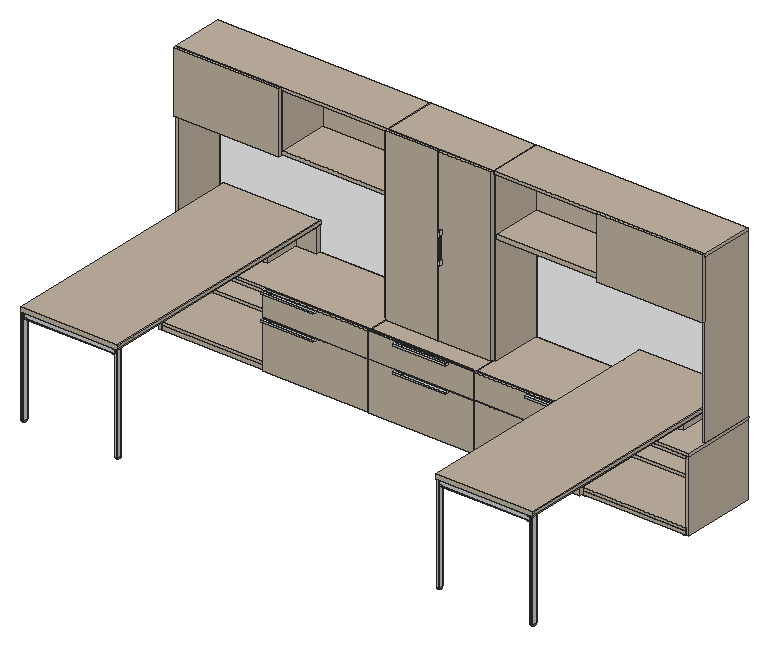
Revit family "FLT020", category Furniture, Revit 2015 (continued)
Definition of nested family "JSI-Flux-Sec_Ht_Strg_OH_Cab_Sldng_Dr"
  Parameters (values of type "Type Catalog - Strg OH Cab Sldng Dr")
    Chassis = none
    Assembly Code = "E2020200"
    Door Adjust = if(Width > 6' 6", 6, if(Width > 4' 6", 4, (if(Width > 3' 0", 3, 2))))  # 6
    # of Doors = 2
  Reference planes (in)
    plane 1: z = 0
    plane 2 "Center (Left/Right)": x = -36.06413
    plane 3 "Center (Front/Back)": y = 10.75
    plane 4: y = 10
    plane 5: x = -35.31413
    plane 6: x = 59.81087
    plane 7: x = 59.06087
    plane 8: x = -4.50163
    plane 9: x = -3.75163
    plane 10: x = 28.24837
    plane 11: x = 27.49837
    plane 12: y = -5.0625
    plane 13: y = -4.3125
    plane 14: y = -4.25
    plane 15: y = -2.0625
    plane 16: y = -5.125
    plane 17: x = 11.87337
    plane 18: z = 29
    plane 19: z = 60
    plane 20: z = 61.1875
    plane 21: z = 59.75
    plane 22: z = 76.25
    plane 23: z = 77
    plane 24: y = 9.9375
    plane 25: y = 10.6875
    plane 26: x = -20.18913
    plane 27: x = -20.06413
    plane 28: z = 59.5
    plane 29: x = -35.31413
    plane 30: x = -4.50163
    plane 31: x = -3.75163
    plane 32: x = 28.24837
    plane 33: x = 27.49837
    plane 34: x = 59.06087
    plane 35: x = -18.06413
    plane 36: x = 41.81087
    plane 37: x = 43.93587
    plane 38: x = 43.81087
  Forms (in)
    Extrusion 1, solid, material <- "Chassis"
      sketch origin (0, 0, 0) x (1, 0, 0) y (0, 1, 0)
        loop
          line (-36.06413, 10.75) -> (-36.06413, -4.25) -> (-35.31413, -4.25) -> (-35.31413, 10.75) -> (-36.06413, 10.75)
      from 29 to 76.25
    Extrusion 2, solid, material <- "Chassis"
      sketch origin (0, 0, 0) x (1, 0, 0) y (0, 1, 0)
        loop
          line (59.06087, 10.75) -> (59.06087, -4.25) -> (59.81087, -4.25) -> (59.81087, 10.75) -> (59.06087, 10.75)
      from 29 to 76.25
    Extrusion 3, solid, material <- "Top"
      sketch origin (0, 0, 0) x (1, 0, 0) y (0, 0, 1)
        loop
          line (-36.06413, 76.25) -> (59.81087, 76.25) -> (59.81087, 77) -> (-36.06413, 77) -> (-36.06413, 76.25)
      from -10.75 to 4.25
    Extrusion 4, solid, material <- "Shelf"
      sketch origin (0, 0, 0) x (1, 0, 0) y (0, 0, 1)
        loop
          line (-35.31413, 61.1875) -> (-35.31413, 60) -> (59.06087, 60) -> (59.06087, 61.1875) -> (-35.31413, 61.1875)
      from -9.9375 to 4.25
    Extrusion 5, solid, material <- "Back Panel"
      sketch origin (0, 0, 0) x (1, 0, 0) y (0, 0, 1)
        loop
          line (-35.31413, 76.25) -> (-35.31413, 29) -> (59.06087, 29) -> (59.06087, 76.25) -> (-35.31413, 76.25)
        loop
          circle (-18.06413, 59.5) r 0.3125
        loop
          circle (41.81087, 59.5) r 0.3125
      from -10.6875 to -9.9375
    Extrusion 6, solid, material <- "Chassis", visible <- "Part-L"
      sketch origin (0, 0, 0) x (1, 0, 0) y (0, 1, 0)
        loop
          line (-4.50163, 9.9375) -> (-4.50163, -4.25) -> (-3.75163, -4.25) -> (-3.75163, 9.9375) -> (-4.50163, 9.9375)
      from 61.1875 to 76.25
    Extrusion 7, solid, material <- "Chassis", visible <- "Part-R"
      sketch origin (0, 0, 0) x (1, 0, 0) y (0, 1, 0)
        loop
          line (27.49837, 9.9375) -> (27.49837, -4.25) -> (28.24837, -4.25) -> (28.24837, 9.9375) -> (27.49837, 9.9375)
      from 61.1875 to 76.25
    Extrusion 8, solid, material <- "Door Front"
      sketch origin (16, 0, 8) x (1, 0, 0) y (0, 0, 1)
        loop
          line (-52.06413, 69) -> (-52.06413, 51.75) -> (-20.18913, 51.75) -> (-20.18913, 69) -> (-52.06413, 69)
      from 4.3125 to 5.125
    Extrusion 9, solid, material <- "Door Front"
      sketch origin (80, 0, 8) x (1, 0, 0) y (0, 0, 1)
        loop
          line (-52.06413, 69) -> (-52.06413, 51.75) -> (-20.18913, 51.75) -> (-20.18913, 69) -> (-52.06413, 69)
      from 4.3125 to 5.125
  Lines and regions (in)
    symbolic lines
      curve 1: line (-36.06413, 10.75, 0) -> (-36.06413, -4.25, 0)
      curve 2: line (59.81087, 10.75, 0) -> (-36.06413, 10.75, 0)
      curve 3: line (59.81087, 10.75, 0) -> (59.81087, -4.25, 0)
      curve 4: line (59.81087, -4.25, 0) -> (-36.06413, -4.25, 0)
    symbolic lines, detail levels medium+fine
      curve 5: line (-36.06413, -4.3125, 0) -> (-36.06413, -5.125, 0)
      curve 6: line (-4.18913, -4.3125, 0) -> (-36.06413, -4.3125, 0)
      curve 7: line (-4.18913, -5.125, 0) -> (-36.06413, -5.125, 0)
      curve 8: line (-4.18913, -5.125, 0) -> (-4.18913, -4.3125, 0)
      curve 9: line (27.93587, -4.3125, 0) -> (27.93587, -5.125, 0)
      curve 10: line (59.81087, -4.3125, 0) -> (27.93587, -4.3125, 0)
      curve 11: line (59.81087, -5.125, 0) -> (27.93587, -5.125, 0)
      curve 12: line (59.81087, -5.125, 0) -> (59.81087, -4.3125, 0)
      curve 13: line (-35.31413, 9.9375, 0) -> (59.06087, 9.9375, 0)
      curve 14: line (59.06087, 9.9375, 0) -> (59.06087, 10.6875, 0)
      curve 15: line (59.06087, 10.6875, 0) -> (-35.31413, 10.6875, 0)
      curve 16: line (-35.31413, 10.6875, 0) -> (-35.31413, 9.9375, 0)
      curve 17: line (59.06087, 10.6875, 0) -> (59.06087, -4.25, 0)
      curve 18: line (-35.31413, -4.25, 0) -> (-35.31413, 10.6875, 0)
    symbolic lines, visible <- "Part-L", detail levels medium+fine
      curve 19: line (-3.75163, -4.25, 0) -> (-3.75163, 9.9375, 0)
      curve 20: line (-3.75163, 9.9375, 0) -> (-4.50163, 9.9375, 0)
      curve 21: line (-4.50163, 9.9375, 0) -> (-4.50163, -4.25, 0)
      curve 22: line (-4.50163, -4.25, 0) -> (-3.75163, -4.25, 0)
    symbolic lines, visible <- "Part-R", detail levels medium+fine
      curve 23: line (28.24837, -4.25, 0) -> (28.24837, 9.9375, 0)
      curve 24: line (28.24837, 9.9375, 0) -> (27.49837, 9.9375, 0)
      curve 25: line (27.49837, 9.9375, 0) -> (27.49837, -4.25, 0)
      curve 26: line (27.49837, -4.25, 0) -> (28.24837, -4.25, 0)
  Dimensions and locks (in)
    "Width": plane 2 "Center (Left/Right)" to plane 6
    "Depth": plane 16 to plane 3 "Center (Front/Back)"
    locked: plane 4 to plane 3 "Center (Front/Back)" at 0.75
    plane 12 to plane 13 to plane 14 to plane 15 = 0' - 0 3/4" locked, 0' - 0 1/16" locked, 0' - 2 3/16" locked
    locked: plane 16 to plane 12 at 0.0625
    locked: plane 2 "Center (Left/Right)" to plane 5 at 0.75
    locked: plane 8 to plane 9 at 0.75
    locked: plane 11 to plane 10 at 0.75
    locked: plane 7 to plane 6 at 0.75
    equal spacing: plane 2 "Center (Left/Right)", plane 17, plane 6
    "Height": plane 23 to plane 18
    "OH Elevation": plane 18 to plane 1
    locked: plane 23 to plane 22 at 0.75
    locked: plane 20 to plane 19 at 1.1875
    "Level of Base Shelve": plane 19 to plane 18
    plane 19 to plane 21 to plane 28 = 0' - 0 1/4" locked, 0' - 0 1/4" locked
    plane 22 to plane 20 = 1' - 3 1/16"
    locked: plane 25 to plane 3 "Center (Front/Back)" at 0.0625
    locked: plane 24 to plane 4 at 0.0625
    "Partition Distance_L": plane 2 "Center (Left/Right)" to plane 8
    "Partition Distance_R": plane 10 to plane 6
    plane 29 to plane 30 = 2' - 6 13/16"
    plane 32 to plane 34 = 2' - 6 13/16"
    plane 31 to plane 33 = 2' - 7 1/4"
    plane 2 "Center (Left/Right)" to plane 29 = 0' - 0 3/4"
    plane 2 "Center (Left/Right)" to plane 31 = 2' - 8 5/16"
    plane 2 "Center (Left/Right)" to plane 32 = 5' - 4 5/16"
    equal spacing: group 1, group 2, group 5, group 6, group 7, group 8  (x3)
    "Wiring Hole Dist": plane 2 "Center (Left/Right)" to plane 35
    "Wiring Hole Dist": plane 36 to plane 6
    "Door Width": Extrusion 8 sketch curve to Extrusion 8 sketch curve
    "Door Width": Extrusion 9 sketch curve to Extrusion 9 sketch curve
    group 3 to group 4 = 5' - 4"
    group 3 to group 4 = 0' - 0"  (x2)
    "Door Array Dist": Extrusion 8 to Extrusion 9
    radius of Extrusion 5 sketch curve = 0' - 0 5/16"  (x2)
    aligned and locked: level to plane 1
    aligned and locked: Extrusion 1 sketch curve to plane 2 "Center (Left/Right)"
    aligned and locked: Extrusion 1 sketch curve to plane 5
    aligned and locked: Extrusion 1 sketch curve to plane 3 "Center (Front/Back)"
    aligned and locked: Extrusion 1 sketch curve to plane 14
    aligned and locked: Extrusion 2 sketch curve to plane 7
    aligned and locked: Extrusion 2 sketch curve to plane 6
    aligned and locked: Extrusion 2 sketch curve to plane 3 "Center (Front/Back)"
    aligned and locked: Extrusion 2 sketch curve to plane 14
    aligned and locked: plane 22 to Extrusion 1
    aligned and locked: plane 22 to Extrusion 2
    aligned and locked: Extrusion 1 to plane 18
    aligned and locked: Extrusion 2 to plane 18
    aligned and locked: Extrusion 3 sketch curve to plane 22
    aligned and locked: Extrusion 3 sketch curve to plane 23
    aligned and locked: Extrusion 3 sketch curve to plane 2 "Center (Left/Right)"
    aligned and locked: Extrusion 3 sketch curve to plane 6
    aligned and locked: Extrusion 4 sketch curve to plane 20
    aligned and locked: Extrusion 4 sketch curve to plane 19
    aligned and locked: Extrusion 4 sketch curve to plane 5
    aligned and locked: Extrusion 4 sketch curve to plane 7
    aligned and locked: Extrusion 3 to plane 3 "Center (Front/Back)"
    aligned and locked: plane 14 to Extrusion 3
    aligned and locked: Extrusion 4 to plane 24
    aligned and locked: plane 14 to Extrusion 4
    aligned and locked: Extrusion 5 sketch curve to plane 22
    aligned and locked: Extrusion 5 sketch curve to plane 5
    aligned and locked: Extrusion 5 sketch curve to plane 7
    aligned and locked: Extrusion 5 sketch curve to plane 18
    aligned and locked: Extrusion 5 to plane 25
    aligned and locked: plane 24 to Extrusion 5
    aligned and locked: Extrusion 6 sketch curve to plane 8
    aligned and locked: Extrusion 6 sketch curve to plane 9
    aligned and locked: Extrusion 6 sketch curve to plane 24
    aligned and locked: Extrusion 6 sketch curve to plane 14
    aligned and locked: Extrusion 7 sketch curve to plane 11
    aligned and locked: Extrusion 7 sketch curve to plane 10
    aligned and locked: Extrusion 7 sketch curve to plane 24
    aligned and locked: Extrusion 7 sketch curve to plane 14
    aligned and locked: plane 22 to Extrusion 6
    aligned and locked: Extrusion 6 to plane 20
    aligned and locked: plane 22 to Extrusion 7
    aligned and locked: Extrusion 7 to plane 20
    aligned and locked: plane 17 to nested 1
    aligned and locked: plane 12 to nested 1
    aligned and locked: curve 1 to plane 2 "Center (Left/Right)"
    aligned and locked: curve 2 to plane 3 "Center (Front/Back)"
    aligned and locked: curve 3 to plane 6
    aligned and locked: curve 4 to plane 14
    aligned and locked: plane 16 to Extrusion 8
    aligned and locked: Extrusion 8 to plane 13
    aligned and locked: Extrusion 8 to plane 2 "Center (Left/Right)"
    aligned and locked: curve 8 to Extrusion 8
    aligned and locked: curve 12 to Extrusion 9
    aligned and locked: curve 5 to Extrusion 8
    aligned and locked: curve 9 to Extrusion 9
    aligned and locked: Extrusion 8 to plane 21
    aligned and locked: Extrusion 9 to plane 21
    aligned and locked: curve 13 to Extrusion 5
    aligned and locked: curve 14 to Extrusion 5
    aligned and locked: curve 15 to Extrusion 5
    aligned and locked: curve 16 to Extrusion 5
    aligned and locked: Extrusion 2 to curve 17
    aligned and locked: curve 18 to Extrusion 1
    aligned and locked: plane 14 to curve 18
    aligned and locked: plane 14 to curve 17
    aligned and locked: curve 19 to Extrusion 6
    aligned and locked: curve 20 to Extrusion 6
    aligned and locked: curve 21 to Extrusion 6
    aligned and locked: curve 22 to Extrusion 6
    aligned and locked: curve 23 to Extrusion 7
    aligned and locked: curve 24 to Extrusion 7
    aligned and locked: curve 25 to Extrusion 7
    aligned and locked: curve 26 to Extrusion 7
  Automatic sketch dimensions
    Extrusion 5 sketch curve to plane 28 = 0' - 0"  (x2)
    Extrusion 5 sketch curve to plane 35 = 0' - 0"
    Extrusion 5 sketch curve to plane 36 = 0' - 0"
    Extrusion 8 sketch curve to Extrusion 8 sketch curve = 1' - 5 1/4"
    Extrusion 9 sketch curve to Extrusion 9 sketch curve = 1' - 5 1/4"
    curve 5 to curve 8 = 2' - 7 7/8"
    curve 8 to curve 8 = 0' - 0 13/16"
    curve 9 to curve 12 = 2' - 7 7/8"
    curve 12 to curve 12 = 0' - 0 13/16"
  Nested families (in)
    nested 1: "Label 1-16 OH" at (11.87337, -5.0625, 0), type "OH DOORS"
  Definition of nested family "Label 1-16 OH"
    Parameters
      Width = 0' - 1"
      Model Name = "6 Doors"
    Reference planes (in)
      plane 1: y = 0
      plane 2: x = 0
    Text (in)
      label "XX" at (0.00051, -0.12324, 0), shows "Model Name"
Definition of nested family "JSI-Flux-Strg_Tower"
  Parameters (values of type "Type Catalog - Strg Tower")
    WB_Shelf_Width = 1' - 0"
    WB_Shelf_Height = Shelf Dist  # 1' - 0 13/16"
    WB_Shelf_Dist = if(Width > 2' 4", (if(L, 0' 9 3/4", (Width - 1' 9 3/4"))), 0' 0 3/4")  # 0' - 9 3/4"
    WB = no
    Top Width = Width  # 2' - 11 7/8"
    Top Dist = 0' - 0"
    Top = none
    Width = 2' - 11 7/8"
    URL = "www.jsifurniture.com"
    Type Comments = ""
    TAG = if(Width > 2' 4", (if(Doors, (if(SL, (if(L, "Open - 1 Doors", "1 Door - 1 Open")), "2 Doors")), "Open")), (if(Doors, "1 Door", "Open")))  # "2 Doors"
    Shelf_H_Dist = if(WB, (if(L, 0' 0 3/4", (Width - 0' 9"))), 0' 0 3/4")  # 0' - 0 3/4"
    Shelf Width = if(WB, 0' 8 1/4", Width - 0' 1 1/2")  # 2' - 10 3/8"
    Shelf Dist = ((Height - (0' 0 3/4" * (# of Shelf + 2))) / (# of Shelf + 1)) + 0' 0 3/4"  # 1' - 0 13/16"
    Shelf Array Dist = ((Height - (0' 0 3/4" * (# of Shelf + 2))) / (# of Shelf + 1)) + 0' 0 3/4"  # 1' - 0 13/16"
    Shelf = none
    Series = "FLUX"  # constant formula
    SL = no
    Right Pull = yes
    Pull Height = if(SL, 1' 0", Height / 2)  # 2' - 2"
    Pull Finish = none
    Pull Distance = if(SL, (if(L, (Width - 0' 0 7/8"), 0' 0 7/8")), (Door Width + 0' 0 43/64"))  # 1' - 6 35/64"
    Part_R_V_Dist = if(WB, (if(L, 0' 0 3/4", 0' 0")), 0' 0")  # 0' - 0"
    Part_R_Dist = if(WB, (if(L, 0' 9", Width - 0' 0 3/4")), Width - 0' 0 3/4")  # 2' - 11 1/8"
    Part_L_V_Dist = if(WB, (if(L, 0' 0", 0' 0 3/4")), 0' 0")  # 0' - 0"
    Part_L_Dist = if(WB, (if(L, 0' 0", Width - 0' 9 3/4")), 0' 0")  # 0' - 0"
    Part Depth_R = if(WB, (if(L, 0' 0 13/16", 0' 0")), 0' 0")  # 0' - 0"
    Part Depth_L = if(WB, (if(L, 0' 0", 0' 0 13/16")), 0' 0")  # 0' - 0"
    OH Elevation = 2' - 5"
    Model = ""
    Manufacturer = "JSI"  # constant formula
    Left Pull = no
    Lable Dist = if(Doors, 0' 0 13/16", 0' 0")  # 0' - 0 13/16"
    L = yes
    Keynote = "12500"
    JSI Enviromental Website = "http://www.jsifurniture.com/jsi_sustainability_intro.php"
    Height = 4' - 4"
    Doors = yes
    Door Width = if(Width > 2' 4", (if(SL, (if(WB, (Width - 0' 9"), ((Width / 2) + 0' 0 1/4"))), ((Width - 0' 0 1/8") / 2))), Width)  # 1' - 5 7/8"
    Door Dist = if(WB, (if(L, 0' 9", 0' 0")), 0' 0")  # 0' - 0"
    Door Array Dist = if(SL, 0' 0", Door Width + 0' 0 1/8")  # 1' - 6"
    Back Width = if(WB, (Width - 0' 0 3/4"), (Width - 0' 1 1/2"))  # 2' - 10 3/8"
    Back Panel = none
    Door Front = none
    Description = ""
    Depth = 1' - 3 13/16"
    Chassis = none
    Back Dist = if(WB, (if(L, 0' 0 3/4", 0' 0")), 0' 0 3/4")  # 0' - 0 3/4"
    Assembly Code = "E2020200"
    # of Shelf = if(Height > 3' 4", (if(WB, 4, 3)), 2)  # 3
    # of Doors = 2
  Reference planes (in)
    plane 1: z = 0
    plane 2 "Center (Left/Right)": x = -36.06413
    plane 3 "Center (Front/Back)": y = 10.75
    plane 4: x = -36.06413
    plane 5: y = 10.6875
    plane 6: y = 9.9375
    plane 7: y = -4.25
    plane 8: y = -4.3125
    plane 9: y = -5.0625
    plane 10: x = -36.06413
    plane 11: x = -35.31413
    plane 12: x = -26.31413
    plane 13: x = -27.06413
    plane 14: x = -36.06413
    plane 15: x = -0.18913
    plane 16: z = 29
    plane 17: z = 81
    plane 18: z = 29.75
    plane 19: z = 80.25
    plane 20: x = -35.31413
    plane 21: x = -0.93913
    plane 22: x = -26.31413
    plane 23: z = 55
    plane 24: z = 55.375
    plane 25: z = 54.625
    plane 26: y = -2.0625
    plane 27: x = -26.31413
    plane 28: x = -14.31413
    plane 29: z = 42.5625
    plane 30: z = 41.8125
    plane 31: x = -35.31413
    plane 32: y = 10.75
    plane 33: x = -18.06413
    plane 34: x = -18.18913
    plane 35: x = -36.06413
    plane 36: x = -1.93913
    plane 37: x = -17.51726
    plane 38: z = 55
    plane 39: x = -36.06413
    plane 40: x = -35.31413
    plane 41: x = -0.93913
    plane 42: x = -0.18913
    plane 43: y = 10.75
    plane 44: z = 29
    plane 45: z = 29
    plane 46: x = -36.06413
    plane 47: x = -0.18913
    plane 48: x = -18.12663
  Forms (in)
    Extrusion 1, solid, material <- "Top"
      sketch origin (0, 0, 0) x (1, 0, 0) y (0, 0, 1)
        loop
          line (-36.06413, 81) -> (-36.06413, 80.25) -> (-0.18913, 80.25) -> (-0.18913, 81) -> (-36.06413, 81)
      from -10.75 to 4.25
    Extrusion 2, solid, material <- "Shelf"
      sketch origin (0, 0, 0) x (1, 0, 0) y (0, 0, 1)
        loop
          line (-35.31413, 29) -> (-0.93913, 29) -> (-0.93913, 29.75) -> (-35.31413, 29.75) -> (-35.31413, 29)
      from -9.9375 to 4.25
    Extrusion 3, solid, material <- "Back Panel"
      sketch origin (0, 0, 0) x (1, 0, 0) y (0, 1, 0)
        loop
          line (-0.93913, 10.6875) -> (-35.31413, 10.6875) -> (-35.31413, 9.9375) -> (-0.93913, 9.9375) -> (-0.93913, 10.6875)
      from 29 to 80.25
    Extrusion 4, solid, material <- "Shelf"
      sketch origin (-10.75, 0, -12.8125) x (1, 0, 0) y (0, 0, 1)
        loop
          line (-24.56413, 55.375) -> (-24.56413, 54.625) -> (9.81087, 54.625) -> (9.81087, 55.375) -> (-24.56413, 55.375)
      from -9.9375 to 2.0625
    Extrusion 5, solid, material <- "Shelf"
      sketch origin (-10.75, 0, 0) x (1, 0, 0) y (0, 0, 1)
        loop
          line (-24.56413, 55.375) -> (-24.56413, 54.625) -> (9.81087, 54.625) -> (9.81087, 55.375) -> (-24.56413, 55.375)
      from -9.9375 to 2.0625
    Extrusion 6, solid, material <- "Shelf", visible <- "WB"
      sketch origin (0, 0, 0) x (1, 0, 0) y (0, 0, 1)
        loop
          line (-26.31413, 42.5625) -> (-26.31413, 41.8125) -> (-14.31413, 41.8125) -> (-14.31413, 42.5625) -> (-26.31413, 42.5625)
      from -9.9375 to 4.25
    Extrusion 7, solid, material <- "Door Front", visible <- "Doors"
      sketch origin (0, 0, 0) x (1, 0, 0) y (0, 1, 0)
        loop
          line (-36.06413, -4.3125) -> (-36.06413, -5.0625) -> (-18.18913, -5.0625) -> (-18.18913, -4.3125) -> (-36.06413, -4.3125)
      from 29 to 81
    Extrusion 8, solid, material <- "Door Front", visible <- "Doors"
      sketch origin (18, 0, 0) x (1, 0, 0) y (0, 1, 0)
        loop
          line (-36.06413, -4.3125) -> (-36.06413, -5.0625) -> (-18.18913, -5.0625) -> (-18.18913, -4.3125) -> (-36.06413, -4.3125)
      from 29 to 81
    Extrusion 9, solid, material <- "Chassis"
      sketch origin (0, 0, 0) x (1, 0, 0) y (0, 1, 0)
        loop
          line (-36.06413, 10.75) -> (-36.06413, -4.25) -> (-35.31413, -4.25) -> (-35.31413, 10.75) -> (-36.06413, 10.75)
      from 29 to 80.25
    Extrusion 10, solid, material <- "Chassis"
      sketch origin (0, 0, 0) x (1, 0, 0) y (0, 1, 0)
        loop
          line (-0.93913, 10.75) -> (-0.93913, -4.25) -> (-0.18913, -4.25) -> (-0.18913, 10.75) -> (-0.93913, 10.75)
      from 29 to 80.25
    Extrusion 11, solid, material <- "Shelf"
      sketch origin (-10.75, 0, 12.8125) x (1, 0, 0) y (0, 0, 1)
        loop
          line (-24.56413, 55.375) -> (-24.56413, 54.625) -> (9.81087, 54.625) -> (9.81087, 55.375) -> (-24.56413, 55.375)
      from -9.9375 to 2.0625
  Lines and regions (in)
    symbolic lines, visible <- "Doors"
      curve 1: line (-36.06413, -4.3125, 0) -> (-18.18913, -4.3125, 0)
      curve 2: line (-36.06413, -5.0625, 0) -> (-36.06413, -4.3125, 0)
      curve 3: line (-18.18913, -5.0625, 0) -> (-36.06413, -5.0625, 0)
      curve 4: line (-18.18913, -4.3125, 0) -> (-18.18913, -5.0625, 0)
      curve 5: line (-18.06413, -4.3125, 0) -> (-0.18913, -4.3125, 0)
      curve 6: line (-18.06413, -5.0625, 0) -> (-18.06413, -4.3125, 0)
      curve 7: line (-0.18913, -5.0625, 0) -> (-18.06413, -5.0625, 0)
      curve 8: line (-0.18913, -4.3125, 0) -> (-0.18913, -5.0625, 0)
    symbolic lines
      curve 9: line (-36.06413, 10.75, 0) -> (-36.06413, -4.25, 0)
      curve 10: line (-0.18913, 10.75, 0) -> (-0.18913, -4.25, 0)
      curve 11: line (-0.18913, 10.75, 0) -> (-36.06413, 10.75, 0)
      curve 12: line (-0.18913, -4.25, 0) -> (-36.06413, -4.25, 0)
    symbolic lines, detail levels medium+fine
      curve 13: line (-35.31413, -4.25, 0) -> (-35.31413, 10.75, 0)
      curve 14: line (-35.31413, 10.75, 0) -> (-36.06413, 10.75, 0)
      curve 15: line (-36.06413, 10.75, 0) -> (-36.06413, -4.25, 0)
      curve 16: line (-36.06413, -4.25, 0) -> (-35.31413, -4.25, 0)
      curve 17: line (-0.18913, -4.25, 0) -> (-0.18913, 10.75, 0)
      curve 18: line (-0.18913, 10.75, 0) -> (-0.93913, 10.75, 0)
      curve 19: line (-0.93913, 10.75, 0) -> (-0.93913, -4.25, 0)
      curve 20: line (-0.93913, -4.25, 0) -> (-0.18913, -4.25, 0)
      curve 21: line (-35.31413, 9.9375, 0) -> (-0.93913, 9.9375, 0)
      curve 22: line (-0.93913, 9.9375, 0) -> (-0.93913, 10.6875, 0)
      curve 23: line (-0.93913, 10.6875, 0) -> (-35.31413, 10.6875, 0)
      curve 24: line (-35.31413, 10.6875, 0) -> (-35.31413, 9.9375, 0)
  Dimensions and locks (in)
    locked: plane 6 to plane 3 "Center (Front/Back)" at 0.8125
    locked: plane 5 to plane 3 "Center (Front/Back)" at 0.0625
    plane 9 to plane 8 to plane 7 = 0' - 0 3/4" locked, 0' - 0 1/16" locked
    "Depth": plane 9 to plane 3 "Center (Front/Back)"
    locked: plane 10 to plane 11 at 0.75
    locked: plane 13 to plane 12 at 0.75
    "Top Width": plane 14 to plane 15
    "Top Dist": plane 4 to plane 14
    "Height": plane 17 to plane 16
    "OH Elevation": plane 16 to plane 1
    locked: plane 17 to plane 19 at 0.75
    locked: plane 18 to plane 16 at 0.75
    equal spacing: plane 17, plane 23, plane 16
    plane 24 to plane 23 to plane 25 = 0' - 0 3/8" locked, 0' - 0 3/8" locked
    "Shelf Width": Extrusion 4 sketch curve to Extrusion 4 sketch curve
    "Shelf Width": Extrusion 5 sketch curve to Extrusion 5 sketch curve
    equal spacing: group 1, group 2, group 5  (x3)
    "Shelf Array Dist": Extrusion 5 to Extrusion 4
    "Shelf Dist": Extrusion 4 to plane 16
    "WB_Shelf_Width": plane 27 to plane 28
    locked: plane 29 to plane 30 at 0.75
    "WB_Shelf_Height": plane 30 to plane 16
    "Shelf_H_Dist": plane 2 "Center (Left/Right)" to plane 31
    "Part Depth_L": plane 32 to plane 3 "Center (Front/Back)"
    "Door Width": Extrusion 7 sketch curve to Extrusion 7 sketch curve
    "Door Width": Extrusion 8 sketch curve to Extrusion 8 sketch curve
    group 3 to group 4 = 1' - 6"
    group 3 to group 4 = 0' - 0"  (x2)
    "Door Array Dist": Extrusion 7 to Extrusion 8
    "Door Dist": plane 2 "Center (Left/Right)" to plane 35
    "Pull Distance": plane 2 "Center (Left/Right)" to plane 37
    "Pull Height": plane 38 to plane 16
    "Lable Dist": nested 2 to plane 7
    "WB_Shelf_Dist": plane 2 "Center (Left/Right)" to plane 27
    locked: plane 39 to plane 40 at 0.75
    locked: plane 41 to plane 42 at 0.75
    "Part_L_Dist": plane 2 "Center (Left/Right)" to plane 39
    "Part_R_Dist": plane 2 "Center (Left/Right)" to plane 41
    "Part Depth_R": plane 43 to plane 3 "Center (Front/Back)"
    "Part_L_V_Dist": plane 44 to plane 16
    plane 45 to plane 16 = 0' - 0"
    "Back Width": plane 20 to plane 21
    "Back Dist": plane 14 to plane 20
    "Width": plane 46 to plane 47
    "Top Dist": plane 2 "Center (Left/Right)" to plane 46
    equal spacing: plane 46, plane 48, plane 47
    "Height": Extrusion 7 to Extrusion 7
    "Height": Extrusion 8 to Extrusion 8
    "Shelf Width": Extrusion 11 sketch curve to Extrusion 11 sketch curve
    aligned and locked: level to plane 1
    aligned and locked: Extrusion 1 sketch curve to plane 17
    aligned and locked: Extrusion 1 sketch curve to plane 19
    aligned and locked: Extrusion 1 sketch curve to plane 14
    aligned and locked: Extrusion 1 sketch curve to plane 15
    aligned and locked: Extrusion 1 to plane 3 "Center (Front/Back)"
    aligned and locked: plane 7 to Extrusion 1
    aligned and locked: Extrusion 2 sketch curve to plane 16
    aligned and locked: Extrusion 2 sketch curve to plane 18
    aligned and locked: Extrusion 2 sketch curve to plane 20
    aligned and locked: Extrusion 2 sketch curve to plane 21
    aligned and locked: Extrusion 2 to plane 6
    aligned and locked: plane 7 to Extrusion 2
    aligned and locked: Extrusion 3 sketch curve to plane 5
    aligned and locked: Extrusion 3 sketch curve to plane 6
    aligned and locked: Extrusion 3 sketch curve to plane 20
    aligned and locked: Extrusion 3 sketch curve to plane 21
    aligned and locked: plane 19 to Extrusion 3
    aligned and locked: Extrusion 3 to plane 16
    aligned and locked: Extrusion 4 to plane 6
    aligned and locked: Extrusion 5 to plane 6
    aligned and locked: Extrusion 6 sketch curve to plane 27
    aligned and locked: Extrusion 6 sketch curve to plane 28
    aligned and locked: Extrusion 6 sketch curve to plane 29
    aligned and locked: Extrusion 6 sketch curve to plane 30
    aligned and locked: Extrusion 6 to plane 6
    aligned and locked: plane 7 to Extrusion 6
    aligned and locked: Extrusion 4 to plane 31
    aligned and locked: Extrusion 5 to plane 31
    aligned and locked: Extrusion 7 sketch curve to plane 9
    aligned and locked: Extrusion 7 to plane 16
    aligned and locked: curve 1 to Extrusion 7
    aligned and locked: curve 2 to Extrusion 7
    aligned and locked: curve 3 to Extrusion 7
    aligned and locked: curve 4 to Extrusion 7
    aligned and locked: curve 5 to Extrusion 8
    aligned and locked: curve 6 to Extrusion 8
    aligned and locked: curve 7 to Extrusion 8
    aligned and locked: curve 8 to Extrusion 8
    aligned and locked: Extrusion 7 to plane 35
    aligned and locked: plane 9 to nested 1
    aligned and locked: plane 37 to nested 1
    aligned and locked: plane 38 to nested 1
    aligned and locked: Extrusion 9 sketch curve to plane 39
    aligned and locked: Extrusion 9 sketch curve to plane 40
    aligned and locked: Extrusion 9 sketch curve to plane 32
    aligned and locked: Extrusion 9 sketch curve to plane 7
    aligned and locked: Extrusion 10 sketch curve to plane 41
    aligned and locked: Extrusion 10 sketch curve to plane 42
    aligned and locked: Extrusion 10 sketch curve to plane 7
    aligned and locked: plane 19 to Extrusion 9
    aligned and locked: plane 19 to Extrusion 10
    aligned and locked: Extrusion 10 sketch curve to plane 43
    aligned and locked: Extrusion 9 to plane 44
    aligned and locked: Extrusion 10 to plane 45
    aligned and locked: curve 9 to plane 46
    aligned and locked: curve 10 to plane 47
    aligned and locked: curve 11 to plane 43
    aligned and locked: curve 12 to plane 7
    aligned and locked: plane 48 to nested 2
    aligned and locked: Extrusion 7 to plane 45
    aligned and locked: Extrusion 8 to plane 45
    aligned and locked: plane 16 to Extrusion 7
    aligned and locked: Extrusion 8 to plane 16
    aligned and locked: curve 13 to Extrusion 9
    aligned and locked: curve 14 to Extrusion 9
    aligned and locked: curve 15 to Extrusion 9
    aligned and locked: curve 16 to Extrusion 9
    aligned and locked: curve 17 to Extrusion 10
    aligned and locked: curve 18 to Extrusion 10
    aligned and locked: curve 19 to Extrusion 10
    aligned and locked: curve 20 to Extrusion 10
    aligned and locked: curve 21 to Extrusion 3
    aligned and locked: curve 22 to Extrusion 3
    aligned and locked: curve 23 to Extrusion 3
    aligned and locked: curve 24 to Extrusion 3
  Automatic sketch dimensions
    Extrusion 4 sketch curve to Extrusion 4 sketch curve = 0' - 0 3/4"
    Extrusion 5 sketch curve to Extrusion 5 sketch curve = 0' - 0 3/4"
    Extrusion 7 sketch curve to Extrusion 7 sketch curve = 0' - 0 3/4"
    Extrusion 8 sketch curve to Extrusion 8 sketch curve = 0' - 0 3/4"
    curve 2 to curve 3 = 1' - 5 7/8"
    curve 2 to curve 2 = 0' - 0 3/4"
    curve 6 to curve 7 = 1' - 5 7/8"
    curve 6 to curve 6 = 0' - 0 3/4"
    Extrusion 11 sketch curve to Extrusion 11 sketch curve = 0' - 0 3/4"
  Nested families (in)
    nested 1: "Bar Pull H" at (-20.75939, -5.0625, 55), Pull Finish <- "Pull Finish", L <- "Left Pull", R <- "Right Pull", type "PL"
      with R yes, Pull Finish none, L no
    nested 2: "Label 1-16 OH" at (-18.12663, -5.0625, 0), type "OH DOORS"
  Definition of nested family "Bar Pull H"
    Parameters
      R [instance] = yes
      Pull Finish [instance] = none
      L [instance] = yes
    Reference planes (in)
      plane 1 "Center Front/Back": y = 0
      plane 2: z = 0
      plane 3 "Center Left/Right": x = 3.24213
    Forms (in)
      Extrusion 1, solid, material <- "Pull Finish", visible <- "L"
        sketch origin (3.24213, 0, 3.24963) x (0, 0, -1) y (0, 1, 0)
          loop
            line (-1.18701, 0) -> (-1.18701, -0.85113)
            arc (-1.18701, -0.85113) -> (-1.15955, -0.91742) -> (-1.09326, -0.94488) r 0.09375
            line (-1.09326, -0.94488) -> (7.59252, -0.94488)
            arc (7.59252, -0.94488) -> (7.6482, -0.92182) -> (7.67126, -0.86614) r 0.07874
            line (7.67126, -0.86614) -> (7.67126, 0) -> (6.37205, 0) -> (6.37205, -0.70177)
            arc (6.37205, -0.70177) -> (6.33544, -0.79016) -> (6.24705, -0.82677) r 0.125
            line (6.24705, -0.82677) -> (0.2372, -0.82677)
            arc (0.2372, -0.82677) -> (0.14882, -0.79016) -> (0.1122, -0.70177) r 0.125
            line (0.1122, -0.70177) -> (0.1122, 0) -> (-1.18701, 0)
        from -0.43307 to -0.11811
      Extrusion 2, solid, material <- "Pull Finish", visible <- "L"
        sketch origin (3.24213, 0, 3.24963) x (0, 0, -1) y (0, 1, 0)
          loop
            line (-1.18701, 0) -> (-1.18701, -0.85113)
            arc (-1.18701, -0.85113) -> (-1.15955, -0.91742) -> (-1.09326, -0.94488) r 0.09375
            line (-1.09326, -0.94488) -> (7.59252, -0.94488)
            arc (7.59252, -0.94488) -> (7.6482, -0.92182) -> (7.67126, -0.86614) r 0.07874
            line (7.67126, -0.86614) -> (7.67126, 0) -> (-1.18701, 0)
        from 0 to -0.11811
      Extrusion 3, solid, material <- "Pull Finish", visible <- "R"
        sketch origin (3.24213, 0, 3.24963) x (0, 0, -1) y (0, -1, 0)
          loop
            line (-1.18701, 0) -> (0.1122, 0) -> (0.1122, 0.70177)
            arc (0.1122, 0.70177) -> (0.14882, 0.79016) -> (0.2372, 0.82677) r 0.125
            line (0.2372, 0.82677) -> (6.24705, 0.82677)
            arc (6.24705, 0.82677) -> (6.33544, 0.79016) -> (6.37205, 0.70177) r 0.125
            line (6.37205, 0.70177) -> (6.37205, 0) -> (7.67126, 0) -> (7.67126, 0.86614)
            arc (7.67126, 0.86614) -> (7.6482, 0.92182) -> (7.59252, 0.94488) r 0.07874
            line (7.59252, 0.94488) -> (-1.09326, 0.94488)
            arc (-1.09326, 0.94488) -> (-1.15955, 0.91742) -> (-1.18701, 0.85113) r 0.09375
            line (-1.18701, 0.85113) -> (-1.18701, 0)
        from -0.43307 to -0.11811
      Extrusion 4, solid, material <- "Pull Finish", visible <- "R"
        sketch origin (3.24213, 0, 3.24963) x (0, 0, -1) y (0, -1, 0)
          loop
            line (-1.18701, 0) -> (7.67126, 0) -> (7.67126, 0.86614)
            arc (7.67126, 0.86614) -> (7.6482, 0.92182) -> (7.59252, 0.94488) r 0.07874
            line (7.59252, 0.94488) -> (-1.09326, 0.94488)
            arc (-1.09326, 0.94488) -> (-1.15955, 0.91742) -> (-1.18701, 0.85113) r 0.09375
            line (-1.18701, 0.85113) -> (-1.18701, 0)
        from 0 to -0.11811
    Cuts and joins
      joined: Extrusion 1, Extrusion 2
      joined: Extrusion 3, Extrusion 4
    Dimensions and locks (in)
      aligned and locked: level to plane 2
      aligned and locked: Extrusion 2 sketch curve to Extrusion 1  (x6)
      aligned and locked: Extrusion 3 to Extrusion 4 sketch curve  (x2)
      aligned and locked: Extrusion 4 sketch curve to Extrusion 3  (x4)
  Definition of nested family "Label 1-16 OH"
    Parameters
      Width = 0' - 1"
      Model Name = "6 Doors"
    Reference planes (in)
      plane 1: y = 0
      plane 2: x = 0
    Text (in)
      label "XX" at (0.00051, -0.12324, 0), shows "Model Name"
Definition of nested family "JSI-Flux-Tckbrd_for_OH_Cab"
  Parameters (values of type "Type Catalog - Tackboard for OH Cab")
    Width = 2' - 4 1/4"
    URL = "www.jsifurniture.com"
    Type Comments = ""
    Series = "FLUX"  # constant formula
    OH Elevation = 2' - 5"
    Model = ""
    Manufacturer = "JSI"  # constant formula
    Keynote = "12500"
    JSI Enviromental Website = "http://www.jsifurniture.com/jsi_sustainability_intro.php"
    Height = 2' - 6"
    Markerboard = none
    Description = ""
    Depth = 0' - 0 13/16"
    Assembly Code = "E2020200"
  Reference planes (in)
    plane 1: z = 0
    plane 2 "Center (Left/Right)": x = -36.06413
    plane 3 "Center (Front/Back)": y = 10.75
    plane 4: x = -7.81413
    plane 5: x = -21.93913
    plane 6: z = 59
    plane 7: z = 29
    plane 8: x = -35.31413
    plane 9: x = -8.56413
    plane 10: y = 9.9375
    plane 11: y = 9.125
  Forms (in)
    Extrusion 1, solid, material <- "Markerboard"
      sketch origin (0, 0, 0) x (1, 0, 0) y (0, 0, 1)
        loop
          line (-35.31413, 59) -> (-35.31413, 29) -> (-8.56413, 29) -> (-8.56413, 59) -> (-35.31413, 59)
      from -9.9375 to -9.125
  Lines and regions (in)
    symbolic lines
      curve 1: line (-35.31413, 9.9375, 0) -> (-8.56413, 9.9375, 0)
      curve 2: line (-35.31413, 9.125, 0) -> (-35.31413, 9.9375, 0)
      curve 3: line (-8.56413, 9.125, 0) -> (-35.31413, 9.125, 0)
      curve 4: line (-8.56413, 9.9375, 0) -> (-8.56413, 9.125, 0)
  Dimensions and locks (in)
    "Width": plane 2 "Center (Left/Right)" to plane 4
    equal spacing: plane 2 "Center (Left/Right)", plane 5, plane 4
    "OH Elevation": plane 7 to plane 1
    "Height": plane 6 to plane 7
    locked: plane 2 "Center (Left/Right)" to plane 8 at 0.75
    locked: plane 9 to plane 4 at 0.75
    locked: plane 10 to plane 3 "Center (Front/Back)" at 0.8125
    "Depth": plane 11 to plane 10
    aligned and locked: level to plane 1
    aligned and locked: plane 8 to Extrusion 1 sketch curve
    aligned and locked: Extrusion 1 sketch curve to plane 9
    aligned and locked: Extrusion 1 sketch curve to plane 6
    aligned and locked: plane 7 to Extrusion 1 sketch curve
    aligned and locked: Extrusion 1 to plane 10
    aligned and locked: plane 11 to Extrusion 1
    aligned and locked: curve 1 to Extrusion 1
    aligned and locked: curve 2 to Extrusion 1
    aligned and locked: curve 3 to plane 11
    aligned and locked: curve 4 to plane 9
